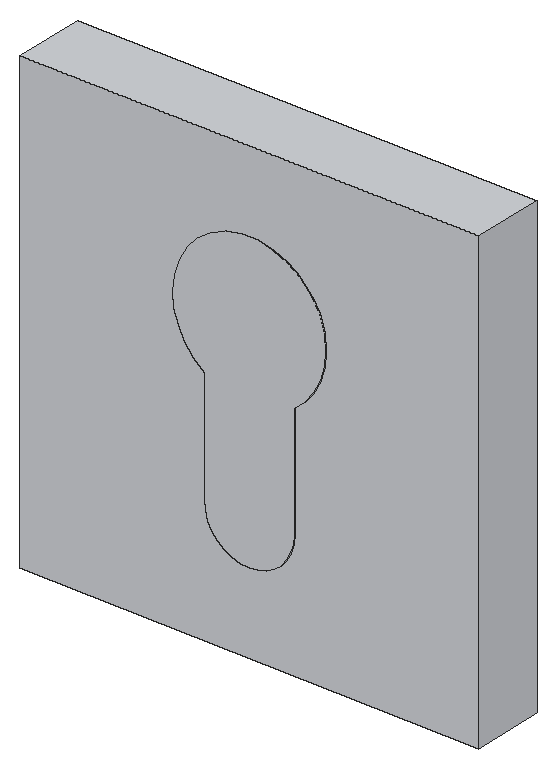
Revit family "DSQ-02", category Generic Models, Revit 2013
Reference planes
  plane 1 "Center (Front/Back)": y = 0
  plane 2: z = 0
  plane 3 "Center (Left/Right)": x = 0
Forms (mm)
  Extrusion 1, solid
    sketch origin (0, 0, 0) x (1, 0, 0) y (0, 0, 1)
      loop
        line (-25.5, 25.5) -> (-25.5, -25.5) -> (25.5, -25.5) -> (25.5, 25.5) -> (-25.5, 25.5)
    from 0 to 8
  Extrusion 2, solid
    sketch origin (0, 0, 0) x (1, 0, 0) y (0, 0, 1)
      loop
        circle (0, 8) r 8.5
    from 0 to 8
  Extrusion 3, solid
    sketch origin (0, 0, 0) x (1, 0, 0) y (0, 0, 1)
      loop
        line (-5, 3.893) -> (-5, -11.5)
        arc (-5, -11.5) -> (-3.536, -15.036) -> (0, -16.5) r 5
        arc (0, -16.5) -> (3.536, -15.036) -> (5, -11.5) r 5
        line (5, -11.5) -> (5, 3.893) -> (-5, 3.893)
    from 0 to 8
Cuts and joins
  joined: Extrusion 2, Extrusion 3
Lines and regions (mm)
  model lines
    curve 1: line (-19, -8, 19) -> (19, -8, 19)
    curve 2: line (-19, -8, -19) -> (-19, -8, 19)
    curve 3: line (19, -8, -19) -> (-19, -8, -19)
    curve 4: line (19, -8, 19) -> (19, -8, -19)
Dimensions and locks
  curve 1 to curve 3 = 38 mm
  curve 4 to curve 2 = 38 mm
  Extrusion 1 to Extrusion 1 = 51 mm
  Extrusion 1 to Extrusion 1 = 8 mm
  aligned and locked: level to plane 2
